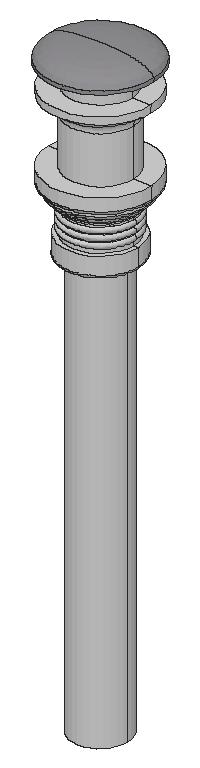
Revit family "936020001-DESAGUE PUSH METAL CR TITANIO", category Plumbing Fixtures, host Face, Revit 2021
Family settings
  Host = Face
  Round Connector Dimension = Use Diameter
  Part Type = Normal
  Cut with Voids When Loaded = No
  Shared = No
  Room Calculation Point = No
Parameters
  Default Elevation = 1219.2 mm
Reference planes
  plane 1 "Center (Front/Back)": y = 0
  plane 2: z = 0
  plane 3 "Center (Left/Right)": x = 0
Forms (mm)
  Revolve 1, solid, material "Cromo-Corona", detail levels medium+fine
    sketch origin (0, 0, 0) x (1, 0, 0) y (0, 0, 1)
      loop
        spline (0, 9.91) -> (-4.634, 9.859) -> (-8.905, 9.698) -> (-12.812, 9.426) -> (-16.355, 9.045) -> (-19.535, 8.553) -> (-22.352, 7.951) -> (-24.805, 7.239) -> (-26.894, 6.417) -> (-28.62, 5.485) -> (-29.983, 4.442) -> (-30.982, 3.29) -> (-31.617, 2.027)
        line (-31.617, 2.027) -> (-31.617, 0) -> (-16.035, 0) -> (-16.035, -2.717) -> (-18.91, -2.717) -> (-18.91, -12.603) -> (-30.043, -12.603) -> (-30.043, -16.974) -> (-22.334, -22.173)
        arc (-22.334, -22.173) -> (-20.348, -24.378) -> (-19.63, -27.258) r 6.134
        line (-19.63, -27.258) -> (-19.63, -55.214) -> (-30.31, -55.214) -> (-30.31, -62.796)
        arc (-30.31, -62.796) -> (-29.978, -63.598) -> (-29.176, -63.93) r 1.134
        line (-29.176, -63.93) -> (-28.327, -63.93)
        arc (-28.327, -63.93) -> (-27.661, -64.205) -> (-27.386, -64.871) r 0.941
        line (-27.386, -64.871) -> (-27.386, -67.083)
        arc (-27.386, -67.083) -> (-26.995, -68.027) -> (-26.051, -68.418) r 1.335
        line (-26.051, -68.418) -> (-25.075, -68.418)
        arc (-25.075, -68.418) -> (-24.443, -68.68) -> (-24.182, -69.311) r 0.893
        line (-24.182, -69.311) -> (-24.182, -70.168)
        arc (-24.182, -70.168) -> (-23.983, -71.035) -> (-23.425, -71.729) r 1.989
        line (-23.425, -71.729) -> (-20.244, -74.241)
        arc (-20.244, -74.241) -> (-19.792, -74.804) -> (-19.63, -75.508) r 1.614
        line (-19.63, -75.508) -> (-19.63, -76.678)
        arc (-19.63, -76.678) -> (-21.13, -78.178) -> (-19.63, -79.678) r 1.5
        line (-19.63, -79.678) -> (-19.63, -80.671)
        arc (-19.63, -80.671) -> (-21.13, -82.171) -> (-19.63, -83.671) r 1.5
        line (-19.63, -83.671) -> (-19.63, -84.741)
        arc (-19.63, -84.741) -> (-21.13, -86.241) -> (-19.63, -87.741) r 1.5
        line (-19.63, -87.741) -> (-19.63, -90.416) -> (-22.611, -90.416) -> (-22.611, -100.85)
        arc (-22.611, -100.85) -> (-22.318, -101.557) -> (-21.611, -101.85) r 1
        line (-21.611, -101.85) -> (-16.437, -101.85) -> (-16.437, -353.59) -> (0, -353.59) -> (0, 9.91)
      axis (0, 9.91) -> (0, -353.59)
    angle from 0 to 360
  Extrusion 2, solid, detail levels coarse
    sketch origin (0, 0, 0) x (1, 0, 0) y (0, 1, 0)
      loop
        circle (0, 0) r 31.617
    from 9.906 to -353.59
Dimensions and locks
  aligned and locked: plane 2 to host face
  aligned and locked: level to host face
Connectors
  piping at (0, 0, -353.59), diameter 38.1
    settings: on Revolve 1, index 1, connector inside diameter 609.6 mm, connector length 0 mm, flow factor 0, pipe flow 0.0 L/s, pressure drop 0.0 Pa, fitting loss kfactor 0, connector angle 0.00°, fixture units 0, engagement length 0 mm, angle of deflection 0.00°, flow configuration 0, flow direction 1, fitting loss method 0, system type 16, joint type 0, gender type 0, connector reference index -1, connector utility 0, adjustable connector no, is connector primary yes, connector description ""
